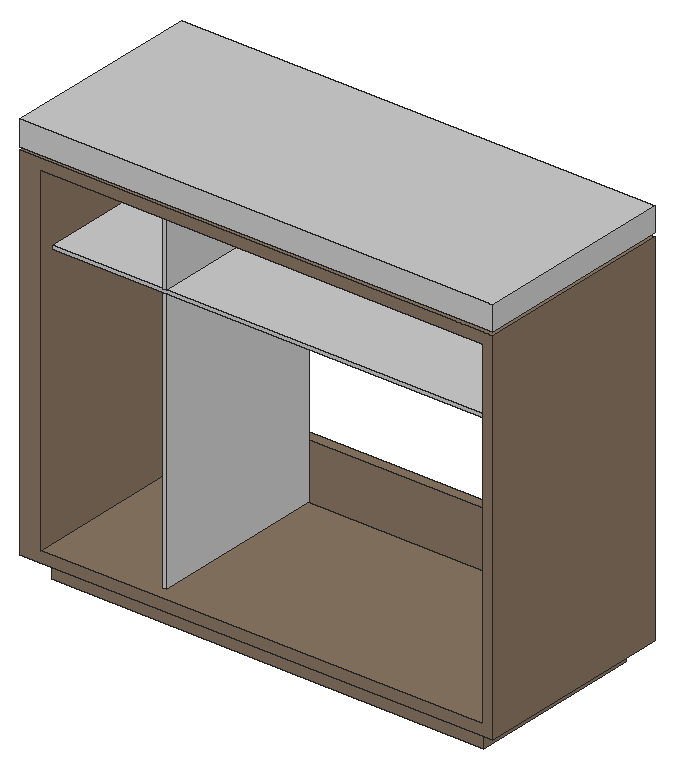
Revit family
Parameters
  URL = "http://www.martinbrattrud.com"
  Table Top [instance] = none
  SCS Certified Product = "Yes"
  Model = "Links 293-35H"
  Manufacturer = "Martin Brattrud, Inc."
  Leg [instance] = none
  Keynote = "125000"
  Foot [instance] = none
  Copyright = "© 2013 Martin Brattrud, Inc."
  Chair [instance] = none
  Authoring Version = "Revit Architecture 2010"
  Assembly Code = "E2020200"
Reference planes (in)
  plane 1 "Center Front/Back": y = 0
  plane 2: z = 0
  plane 3 "Center Left/Right": x = 0
  plane 4: z = 27.50852
  plane 5: z = 0
  plane 6: z = 1.5
  plane 7: x = -17
  plane 8: x = 17
  plane 9: x = 7.25
  plane 10: x = 6.25
  plane 11: x = -15.5
  plane 12: x = 17
  plane 13: x = 15.5
  plane 14: x = 14.62
  plane 15: z = 26.75852
  plane 16: z = 2.25
  plane 17: x = -16.25
  plane 18: x = 16.25
  plane 19: y = 7.25
  plane 20: y = 6.5
  plane 21: z = 6.25
  plane 22: z = 21.25
  plane 23: x = -15.5
  plane 24: z = 21.50852
  plane 25: y = -7.25
  plane 26: x = -7.5
  plane 27: z = 29.5
Forms (in)
  Extrusion 1, solid
    sketch origin (-6.75002, 21.86807, 0) x (0, -1, 0) y (1, 0, 0)
      loop
        line (15.36807, 22.25002) -> (15.36807, -8.74998) -> (28.11807, -8.74998) -> (28.11807, 22.25002) -> (15.36807, 22.25002)
    from 0 to 1.5
  Extrusion 2, void
    sketch origin (35.75, -30.5, -0.5) x (0, -1, 0) y (0, 0, 1)
      loop
        line (-23.25, 27.25852) -> (-36.75, 27.25852) -> (-36.75, 2.75) -> (-23.25, 2.75) -> (-23.25, 27.25852)
    from 19.5 to 51.25
  Extrusion 3, solid
    sketch origin (0, 0, -0.25) x (0, 1, 0) y (0, 0, -1)
      loop
        line (-7.25, -1.75) -> (-7.25, -27.75852) -> (7.25, -27.75852) -> (7.25, -1.75) -> (-7.25, -1.75)
    from -17 to 17
  Extrusion 4, void
    sketch origin (35.75, -30.5, -4.5) x (0, -1, 0) y (0, 0, 1)
      loop
        line (-28.16438, 25.75) -> (-38.75, 25.75) -> (-38.75, 6.75) -> (-28.16438, 6.75) -> (-28.16438, 25.75)
    from 19.5 to 51.25
  Extrusion 5, solid
    sketch origin (-6.75002, 21.86807, 27.50852) x (0, -1, 0) y (1, 0, 0)
      loop
        line (15.36807, 23.00002) -> (15.36807, -9.49998) -> (28.11807, -9.49998) -> (28.11807, 23.00002) -> (15.36807, 23.00002)
    from 0 to 0.24148
  Extrusion 6, solid
    sketch origin (-6.75002, 21.86807, 29.25852) x (0, -1, 0) y (1, 0, 0)
      loop
        line (14.61807, 23.75002) -> (14.61807, -10.24998) -> (29.11807, -10.24998) -> (29.11807, 23.75002) -> (14.61807, 23.75002)
    from -1.50852 to 0.24148
  Extrusion 7, solid
    sketch origin (-6.75002, 21.86807, 22.75852) x (0, -1, 0) y (1, 0, 0)
      loop
        line (15.36807, 23.00002) -> (15.36807, -8.74998) -> (28.11807, -8.74998) -> (28.11807, 23.00002) -> (15.36807, 23.00002)
    from -1.50852 to -1.25
  Extrusion 8, solid
    sketch origin (-5.99148, 21.86807, -1.7415) x (0, -1, 0) y (0, 0, -1)
      loop
        line (15.36807, -22.9915) -> (28.11807, -22.9915) -> (28.11807, -3.9915) -> (15.36807, -3.9915) -> (15.36807, -22.9915)
    from -1.50852 to -1.25
  Extrusion 9, solid
    sketch origin (-5.99148, 21.86807, 17.51702) x (0, -1, 0) y (0, 0, -1)
      loop
        line (15.36807, -9.2415) -> (28.11807, -9.2415) -> (28.11807, -3.9915) -> (15.36807, -3.9915) -> (15.36807, -9.2415)
    from -1.50852 to -1.25
  Extrusion 10, solid
    sketch origin (0, 0, 0) x (1, 0, 0) y (0, 0, 1)
      loop
        line (-16.25, 6.25) -> (-16.25, 2.25) -> (16.25, 2.25) -> (16.25, 6.25) -> (-16.25, 6.25)
    from -7.25 to -6.5
Cuts and joins
  Extrusion 2, Extrusion 4 cuts Extrusion 3
  joined: Extrusion 3, Extrusion 10
